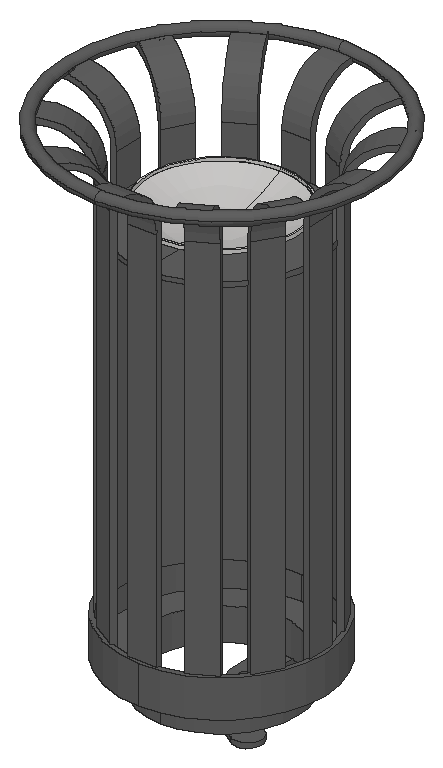
Revit family
Parameters (values of type "CV3-1000")
  URL = "http://www.sitescapesonline.com/index.asp"
  Type Comments = "Vertical Strap, Ash Urn"
  Shell Material = Steel - SiteScapes - Powder Coat - Onyx
  Product Page URL = "http://www.sitescapesonline.com/cityview-ash-urns.asp"
  Product Documentation Link = "http://www.sitescapesonline.com/PDF/CV3-1000%20-%20Customer%20Print.PDF"
  Model = "CV3-1000"
  Manufacturer = "SiteScapes"  # constant formula
  Height = 2' - 3"  # constant formula
  Diameter = 1' - 4 1/8"  # constant formula
  Description = "City View Ash Urn"  # constant formula
  Copyright © = "SiteScapes"  # constant formula
  CTRL Lid Diameter = Diameter - 0' 6 1/8"  # 0' - 10"
Reference planes (in)
  plane 1 "Center Front/Back": y = 0
  plane 2 "Original Bottom": z = 0
  plane 3 "Center Left/Right": x = 0
  plane 4 "Left": x = -8.0625
  plane 5 "Right": x = 8.0625
  plane 6 "Front": y = -8.0625
  plane 7 "Top": z = 27
  plane 8 "Shell Bottom": z = 0
  plane 9 "Body Top": z = 1.76162
  plane 10 "Lid Bottom": z = 22.26162
  plane 11 "Back": y = 8.0625
Dimensions and locks (in)
  equal spacing: plane 4 "Left", plane 3 "Center Left/Right", plane 5 "Right"
  "Diameter": plane 4 "Left" to plane 5 "Right"
  equal spacing: plane 11 "Back", plane 1 "Center Front/Back", plane 6 "Front"
  "Diameter": plane 11 "Back" to plane 6 "Front"
  "Height": plane 7 "Top" to plane 2 "Original Bottom"
  locked: plane 8 "Shell Bottom" to plane 2 "Original Bottom" at 0
  locked: plane 7 "Top" to plane 10 "Lid Bottom" at 4.73838
  aligned and locked: level to plane 2 "Original Bottom"
  aligned and locked: plane 4 "Left" to nested 1
  aligned and locked: plane 6 "Front" to nested 1
  aligned and locked: plane 7 "Top" to nested 1
  aligned and locked: plane 3 "Center Left/Right" to nested 2
  aligned and locked: plane 1 "Center Front/Back" to nested 2
  aligned and locked: plane 3 "Center Left/Right" to nested 3
  aligned and locked: plane 1 "Center Front/Back" to nested 3
  aligned and locked: nested 3 to nested 2
  aligned and locked: plane 10 "Lid Bottom" to nested 3
Nested families (in)
  nested 1: "Shell-Surface-SiteScapes-Circular-Flat_Bar-Ash_Urn" at (0, 0, 0), type "16 1/8"x27""
  nested 2: "Ash_Inlay-Stainless_Steel_Ash_Inlay-SiteScapes-Circular" at (0, 0, 22.01162), type "8""
  nested 3: "Lid-Flat_Top-SiteScapes-Circular" at (0, 0, 22.01162), type "10""
Definition of nested family "Shell-Surface-SiteScapes-Circular-Flat_Bar-Ash_Urn"
  Parameters (values of type "30 5/8"x40 5/8"")
    Type Comments = "Vertical Strap, 40 Gallon Receptacle, Top Opening, Surface Mount, Flat top\r\nVertical Strap, 40 Gallon Receptacle, Top Opening, Surface Mount, Flat top\r\nVertical Strap, 40 Gallon Receptacle, Top Opening, Surface Mount, Flat top"
    Support Bars = 0' - 0 1/2"
    Radius = Diameter / 2  # 0' - 8 1/16"
    Has Surface Mount Plates = yes
    Diameter = 1' - 4 1/8"
    Product Page URL = ""
    Product Documentation Link = ""
    Material = Steel - SiteScapes - Powder Coat - Onyx
    Height = 3' - 4 7/8"
    Description = "Top Opening Surface Mount"
    Copyright © = ""
    CTRL Bars Height = Height - CTRL Bars Bottom Inset  # 3' - 1 3/8"
    CTRL Bars Bottom Inset = 0' - 3 1/2"  # constant formula
    Bar Count = 12  # constant formula
    Assembly Code = ""
  Types (2): name | Product Page URL | Height | Copyright © | CTRL Bars Height
    30 5/8"x40 5/8" | "" | 3' - 4 7/8" | "" | 3' - 1 3/8"
    16 1/8"x27" | "http://www.sitescapesonline.com/index.asp" | 2' - 3" | "2010 SiteScapes Inc." | 1' - 11 1/2"
  Reference planes (in)
    plane 1 "Center (Front/Back)": y = 0
    plane 2 "Original Bottom": z = 0
    plane 3 "Center (Left/Right)": x = 0
    plane 4 "Left": x = -8.0625
    plane 5 "Right": x = 8.0625
    plane 6 "Front": y = -8.0625
    plane 7 "Top": z = 40.875
    plane 8 "Support Ring Top": z = 35.375
    plane 9 "Back": y = 8.0625
    plane 10 "Bars Bottom": z = 3.5
    plane 11 "Support Ring Bottom": z = 33.375
    plane 12 "Support Ring Left": x = -5.5
    plane 13 "Support Ring Right": x = 5.5
    plane 14 "Support Ring Right Inset": x = 5.25
    plane 15 "Support Ring Left Inset": x = -5.25
    plane 16 "Base Top": z = 3.75
    plane 17 "Base Middle": z = 1.75
    plane 18 "Support Base Right": x = 3
    plane 19 "Support Base Right Inset": x = 2.75
    plane 20 "Support Base Left": x = -3
    plane 21 "Support Base Left Inset": x = -2.75
    plane 22 "Support Ring Back": y = 5.49386
    plane 23 "Support Ring Front": y = -5.50614
    plane 24 "Support Ring Front Inset": y = -5.25614
    plane 25 "Support Ring Back Inset": y = 5.24386
    plane 26 "Support Base Front": y = -3.00614
    plane 27 "Support Base Front Inset": y = -2.75614
    plane 28 "Support Base Back": y = 2.99386
    plane 29 "Support Base Back Inset": y = 2.74386
    plane 30 "Bottom Inset": z = 0
    plane 31 "Support Bar Front": y = -0.25
    plane 32 "Support Bar Back": y = 0.25
    plane 33 "Support Bar Right": x = 0.25
    plane 34 "Support Bar Left": x = -0.25
  Forms (in)
    Sweep 1, solid, material "Steel - SiteScapes - Powder Coat - Onyx" <- "Material", detail levels medium+fine
      path origin (0, 0, 40.875) x (0, -1, 0) y (1, 0, 0)
        loop
          circle (0, 0) r 8.0625
      profile origin (8.0625, 0, 40.875) x (-1, 0, 0) y (0, 0, 1)
        loop
          circle (0, 0) r 0.3125
        loop
          line (4.0625, -39.125) -> (4.0625, -40.625) -> (4.3125, -40.625) -> (4.3125, -38.875) -> (2.8125, -38.875) -> (2.8125, -37.125) -> (2.5625, -37.125) -> (2.5625, -39.125) -> (4.0625, -39.125)
    Extrusion 2, solid, material "Steel - SiteScapes - Powder Coat - Onyx" <- "Material", visible <- "Has Surface Mount Plates", detail levels medium+fine
      sketch origin (-0.38386, -0.29368, 0) x (-0.893285, 0.449491, 0) y (-0.449491, -0.893285, 0)
        loop
          arc (0.20147, 1.27746) -> (0.53499, 0.32963) -> (1.51481, 0.55224) r 0.75512
          line (1.51481, 0.55224) -> (2.6978, 2.60124)
          arc (2.6978, 2.60124) -> (2.42328, 3.62576) -> (1.39876, 3.35124) r 0.75
          line (1.39876, 3.35124) -> (0.20147, 1.27746)
        loop
          circle (0.90448, 0.98808) r 0.2656
      from 0 to 0.25
    Extrusion 3, solid, material "Steel - SiteScapes - Powder Coat - Onyx" <- "Material", detail levels medium+fine
      sketch origin (0, 0, 0) x (1, 0, 0) y (0, 1, 0)
        loop
          line (-0.66093, 4.14776) -> (-0.61852, 1.39856)
          arc (-0.61852, 1.39856) -> (0.14296, 0.66022) -> (0.8813, 1.42169) r 0.75
          line (0.8813, 1.42169) -> (0.83889, 4.17089)
          arc (0.83889, 4.17089) -> (0.07741, 4.90924) -> (-0.66093, 4.14776) r 0.75
        loop
          circle (0.13139, 1.41013) r 0.2656
      from 0 to 0.25
    Sweep 4, solid, material "Steel - SiteScapes - Powder Coat - Onyx" <- "Material", detail levels medium+fine
      path origin (8.0625, 0, 0) x (0, -1, 0) y (0, 0, 1)
        loop
          line (-4.52854, 0) -> (-4.52854, 0.25)
      profile origin (8.0625, 4.52854, 0.125) x (0, -1, 0) y (1, 0, 0)
        loop
          line (6.3662, -4.28576) -> (4.82406, -6.5621)
          arc (4.82406, -6.5621) -> (5.02433, -7.60368) -> (6.06591, -7.40341) r 0.75
          line (6.06591, -7.40341) -> (7.60805, -5.12707)
          arc (7.60805, -5.12707) -> (7.40778, -4.08549) -> (6.3662, -4.28576) r 0.75
        loop
          circle (5.44499, -6.98275) r 0.2656
  Lines and regions (in)
    Masking region 1
      outline origin (0, 0, 3.75) x (0, -1, 0) y (1, 0, 0)
        loop
          circle (0.00614, 0) r 5.5
        loop
          circle (-0.00007, 0) r 2.75
    Masking region 2, detail levels medium+fine
      outline origin (0, 0, -31.0625) x (1, 0, 0) y (0, 0, 1)
        loop
          line (-5.5, 34.8125) -> (-5.5, 32.8125) -> (-4, 32.8125) -> (-4, 31.0625) -> (4, 31.0625) -> (4, 32.8125) -> (5.5, 32.8125) -> (5.5, 34.8125) -> (-5.5, 34.8125)
    Masking region 3, detail levels medium+fine
      outline origin (0, 0, 0) x (0, 1, 0) y (0, 0, 1)
        loop
          line (2.99386, 0) -> (2.99386, 1.75) -> (5.49386, 1.75) -> (5.49386, 3.75) -> (-5.50614, 3.75) -> (-5.50614, 1.75) -> (-3.00614, 1.75) -> (-3.00614, 0) -> (2.99386, 0)
    Masking region 4, detail levels medium+fine
      outline origin (0, 0, 0) x (1, 0, 0) y (0, 0, 1)
        loop
          line (-5.25, 3.75) -> (5.25, 3.75) -> (5.25, 38.25)
          arc (5.25, 38.25) -> (6.12735, 40.01251) -> (8.0625, 40.375) r 2.20903
          line (8.0625, 40.375) -> (8.0625, 40.875) -> (-8.0625, 40.875) -> (-8.0625, 40.375)
          arc (-8.0625, 40.375) -> (-6.12735, 40.01251) -> (-5.25, 38.25) r 2.20903
          line (-5.25, 38.25) -> (-5.25, 3.75)
    Masking region 5, detail levels medium+fine
      outline origin (0, 0, 0) x (0, 1, 0) y (0, 0, 1)
        loop
          line (-5.25614, 3.75) -> (5.24386, 3.75) -> (5.24386, 38.30636)
          arc (5.24386, 38.30636) -> (6.13682, 40.03377) -> (8.0625, 40.30413) r 2.11731
          line (8.0625, 40.30413) -> (8.0625, 40.875) -> (-8.0625, 40.875) -> (-8.0625, 40.375)
          arc (-8.0625, 40.375) -> (-6.11936, 39.92348) -> (-5.25614, 38.125) r 2.30515
          line (-5.25614, 38.125) -> (-5.25614, 3.75)
    reference lines
      curve 1: circle (0, 0, 0) r 8.0625 normal (0, 0, 1)
    model lines, detail levels fine
      curve 2: circle (0, 0, 40.875) r 8.0625 normal (0, 0, 1)
    symbolic lines, detail levels medium+fine
      curve 3: arc (-8.0625, 0, 40.875) -> (0, -8.0625, 40.875) -> (8.0625, 0, 40.875) r 8.0625
    symbolic lines, detail levels coarse
      curve 4: arc (8.0625, 0, 40.875) -> (0, 8.0625, 40.875) -> (-8.0625, 0, 40.875) r 8.0625
    symbolic lines, detail levels fine
      curve 5: line (-3, 0, 1.75) -> (3, 0, 1.75)
      curve 6: line (0, 2.99386, 1.75) -> (0, -3.00614, 1.75)
    symbolic lines
      curve 7: line (0, -8.0625, 40.875) -> (0, 8.0625, 40.875)
      curve 8: line (-8.0625, 0, 40.875) -> (8.0625, 0, 40.875)
    model lines, detail levels coarse
      curve 9: arc (-5.25, 0, 3.75) -> (0, -5.25, 3.75) -> (5.25, 0, 3.75) r 5.25
      curve 10: arc (5.25, 0, 3.75) -> (0, 5.25, 3.75) -> (-5.25, 0, 3.75) r 5.25
      curve 11: arc (-5.25, 0, 1.75) -> (0, -5.25, 1.75) -> (5.25, 0, 1.75) r 5.25
      curve 12: arc (5.25, 0, 1.75) -> (0, 5.25, 1.75) -> (-5.25, 0, 1.75) r 5.25
      curve 13: arc (-2.75, 0, 0) -> (0, -2.75, 0) -> (2.75, 0, 0) r 2.75
      curve 14: arc (2.75, 0, 0) -> (0, 2.75, 0) -> (-2.75, 0, 0) r 2.75
      curve 21: arc (-2.75, 0, 1.75) -> (0, -2.75, 1.75) -> (2.75, 0, 1.75) r 2.75
      curve 22: arc (2.75, 0, 1.75) -> (0, 2.75, 1.75) -> (-2.75, 0, 1.75) r 2.75
    model lines
      curve 15: line (5.25, 0, 1.75) -> (5.25, 0, 3.75)
      curve 16: line (0, 5.24386, 3.75) -> (0, 5.24386, 1.75)
      curve 17: line (0, -5.25614, 3.75) -> (0, -5.25614, 1.75)
      curve 18: line (-5.25, 0, 1.75) -> (-5.25, 0, 3.75)
      curve 19: line (0, -2.75614, 1.75) -> (0, -2.75614, 0)
      curve 20: line (0, 2.74386, 1.75) -> (0, 2.74386, 0)
      curve 23: circle (0, 0, 40.875) r 8.0625 normal (0, 0, 1)
  Dimensions and locks (in)
    equal spacing: plane 4 "Left", plane 3 "Center (Left/Right)", plane 5 "Right"
    "Diameter": plane 4 "Left" to plane 5 "Right"
    "Height": plane 7 "Top" to plane 2 "Original Bottom"
    equal spacing: plane 9 "Back", plane 1 "Center (Front/Back)", plane 6 "Front"
    "Diameter": plane 6 "Front" to plane 9 "Back"
    locked: plane 7 "Top" to plane 8 "Support Ring Top" at 5.5
    plane 8 "Support Ring Top" to plane 11 "Support Ring Bottom" = 0' - 2"
    "CTRL Bars Height": plane 7 "Top" to plane 10 "Bars Bottom"
    locked: plane 4 "Left" to plane 12 "Support Ring Left" at 2.5625
    locked: plane 5 "Right" to plane 13 "Support Ring Right" at 2.5625
    locked: plane 13 "Support Ring Right" to plane 14 "Support Ring Right Inset" at 0.25
    locked: plane 12 "Support Ring Left" to plane 15 "Support Ring Left Inset" at 0.25
    locked: plane 16 "Base Top" to plane 10 "Bars Bottom" at 0.25
    locked: plane 16 "Base Top" to plane 17 "Base Middle" at 2
    locked: plane 20 "Support Base Left" to plane 21 "Support Base Left Inset" at 0.25
    locked: plane 18 "Support Base Right" to plane 19 "Support Base Right Inset" at 0.25
    locked: plane 12 "Support Ring Left" to plane 20 "Support Base Left" at 2.5
    locked: plane 13 "Support Ring Right" to plane 18 "Support Base Right" at 2.5
    locked: plane 25 "Support Ring Back Inset" to plane 22 "Support Ring Back" at 0.25
    locked: plane 29 "Support Base Back Inset" to plane 28 "Support Base Back" at 0.25
    locked: plane 26 "Support Base Front" to plane 27 "Support Base Front Inset" at 0.25
    locked: plane 23 "Support Ring Front" to plane 24 "Support Ring Front Inset" at 0.25
    locked: plane 6 "Front" to plane 23 "Support Ring Front" at 2.55636
    locked: plane 22 "Support Ring Back" to plane 9 "Back" at 2.56864
    locked: plane 28 "Support Base Back" to plane 22 "Support Ring Back" at 2.5
    locked: plane 23 "Support Ring Front" to plane 26 "Support Base Front" at 2.5
    locked: plane 30 "Bottom Inset" to level
    equal spacing: plane 34 "Support Bar Left", plane 3 "Center (Left/Right)", plane 33 "Support Bar Right"
    equal spacing: plane 31 "Support Bar Front", plane 1 "Center (Front/Back)", plane 32 "Support Bar Back"
    "Support Bars": plane 31 "Support Bar Front" to plane 32 "Support Bar Back"
    "Support Bars": plane 34 "Support Bar Left" to plane 33 "Support Bar Right"
    locked: plane 4 "Left" to Extrusion 2 sketch curve at 4.9228
    locked: Extrusion 3 sketch curve to plane 9 "Back" at 3.91474
    locked: Extrusion 2 sketch curve to Extrusion 2 sketch curve at 2.36598
    locked: Extrusion 3 sketch curve to Extrusion 3 sketch curve at 2.74953
    locked: Sweep 4 sketch curve to plane 14 "Support Ring Right Inset" at 1.47326
    locked: Sweep 4 sketch curve to plane 24 "Support Ring Front Inset" at 2.17664
    "Radius": radius of curve 1
    "Radius": radius of radial array
    "Radius": radius of Sweep 1 sketch curve
    "Radius": radius of curve 2
    aligned and locked: plane 2 "Original Bottom" to level
    aligned and locked: plane 1 "Center (Front/Back)" to curve 1
    aligned and locked: plane 3 "Center (Left/Right)" to curve 1
    aligned and locked: plane 1 "Center (Front/Back)" to radial array
    aligned and locked: plane 3 "Center (Left/Right)" to Sweep 1 sketch curve
    aligned and locked: plane 1 "Center (Front/Back)" to Sweep 1 sketch curve
    aligned and locked: plane 5 "Right" to Sweep 1 sketch curve
    aligned and locked: plane 7 "Top" to Sweep 1 sketch curve
    aligned and locked: plane 13 "Support Ring Right" to Sweep 1 sketch curve
    aligned and locked: plane 16 "Base Top" to Sweep 1 sketch curve
    aligned and locked: Sweep 1 sketch curve to plane 17 "Base Middle"
    aligned and locked: plane 1 "Center (Front/Back)" to curve 2
    aligned and locked: plane 3 "Center (Left/Right)" to curve 2
    aligned and locked: plane 3 "Center (Left/Right)" to Masking region 1 sketch curve  (x2)
    aligned and locked: plane 23 "Support Ring Front" to Masking region 1 sketch curve
    aligned and locked: plane 22 "Support Ring Back" to Masking region 1 sketch curve
    aligned and locked: plane 1 "Center (Front/Back)" to Masking region 1 sketch curve
    aligned and locked: plane 19 "Support Base Right Inset" to Masking region 1 sketch curve
    aligned and locked: plane 21 "Support Base Left Inset" to Masking region 1 sketch curve
    aligned and locked: plane 5 "Right" to curve 3
    aligned and locked: plane 1 "Center (Front/Back)" to curve 3  (x2)
    aligned and locked: plane 4 "Left" to curve 3
    aligned and locked: Masking region 2 sketch curve to plane 16 "Base Top"
    aligned and locked: Masking region 2 sketch curve to plane 12 "Support Ring Left"
    aligned and locked: Masking region 2 sketch curve to plane 13 "Support Ring Right"
    aligned and locked: plane 17 "Base Middle" to Masking region 2 sketch curve
    aligned and locked: plane 20 "Support Base Left" to curve 5
    aligned and locked: plane 18 "Support Base Right" to curve 5
    aligned and locked: curve 5 to plane 17 "Base Middle"
    aligned and locked: Masking region 3 sketch curve to plane 28 "Support Base Back"
    aligned and locked: plane 2 "Original Bottom" to Masking region 3 sketch curve
    aligned and locked: Masking region 3 sketch curve to plane 26 "Support Base Front"
    aligned and locked: plane 17 "Base Middle" to Masking region 3 sketch curve  (x2)
    aligned and locked: Masking region 3 sketch curve to plane 23 "Support Ring Front"
    aligned and locked: Masking region 3 sketch curve to plane 16 "Base Top"
    aligned and locked: Masking region 3 sketch curve to plane 22 "Support Ring Back"
    aligned and locked: plane 26 "Support Base Front" to curve 6
    aligned and locked: plane 28 "Support Base Back" to curve 6
    aligned and locked: plane 17 "Base Middle" to curve 6
    aligned and locked: plane 6 "Front" to curve 7
    aligned and locked: plane 9 "Back" to curve 7
    aligned and locked: curve 7 to plane 7 "Top"
    aligned and locked: plane 5 "Right" to curve 8
    aligned and locked: plane 4 "Left" to curve 8
    aligned and locked: curve 8 to plane 7 "Top"
    aligned and locked: plane 1 "Center (Front/Back)" to curve 9  (x2)
    aligned and locked: plane 14 "Support Ring Right Inset" to curve 9
    aligned and locked: plane 15 "Support Ring Left Inset" to curve 9
    aligned and locked: plane 1 "Center (Front/Back)" to curve 11  (x2)
    aligned and locked: plane 15 "Support Ring Left Inset" to curve 11
    aligned and locked: plane 14 "Support Ring Right Inset" to curve 11
    aligned and locked: plane 1 "Center (Front/Back)" to curve 13  (x2)
    aligned and locked: plane 21 "Support Base Left Inset" to curve 13
    aligned and locked: plane 19 "Support Base Right Inset" to curve 13
    aligned and locked: plane 16 "Base Top" to curve 15
    aligned and locked: plane 17 "Base Middle" to curve 15
    aligned and locked: plane 14 "Support Ring Right Inset" to curve 15
    aligned and locked: plane 16 "Base Top" to curve 18
    aligned and locked: plane 17 "Base Middle" to curve 18
    aligned and locked: curve 18 to plane 15 "Support Ring Left Inset"
    aligned and locked: plane 16 "Base Top" to curve 17
    aligned and locked: curve 17 to plane 3 "Center (Left/Right)"
    aligned and locked: plane 17 "Base Middle" to curve 17
    aligned and locked: plane 16 "Base Top" to curve 16
    aligned and locked: curve 16 to plane 3 "Center (Left/Right)"
    aligned and locked: plane 17 "Base Middle" to curve 16
    aligned and locked: plane 17 "Base Middle" to curve 20
    aligned and locked: curve 20 to plane 3 "Center (Left/Right)"
    aligned and locked: plane 17 "Base Middle" to curve 19
    aligned and locked: curve 19 to plane 3 "Center (Left/Right)"
    aligned and locked: plane 1 "Center (Front/Back)" to curve 22  (x2)
    aligned and locked: plane 21 "Support Base Left Inset" to curve 22
    aligned and locked: plane 19 "Support Base Right Inset" to curve 22
    aligned and locked: plane 30 "Bottom Inset" to Masking region 2 sketch curve
    aligned and locked: Masking region 4 sketch curve to plane 16 "Base Top"
    aligned and locked: plane 15 "Support Ring Left Inset" to Masking region 4 sketch curve
    aligned and locked: plane 14 "Support Ring Right Inset" to Masking region 4 sketch curve
    aligned and locked: plane 7 "Top" to Masking region 4 sketch curve
    aligned and locked: plane 16 "Base Top" to Masking region 5 sketch curve
    aligned and locked: Masking region 5 sketch curve to plane 24 "Support Ring Front Inset"
    aligned and locked: Masking region 5 sketch curve to plane 7 "Top"
    aligned and locked: plane 6 "Front" to Masking region 5 sketch curve
    aligned and locked: plane 24 "Support Ring Front Inset" to Masking region 5 sketch curve
    aligned and locked: plane 9 "Back" to Masking region 5 sketch curve  (x2)
    aligned and locked: Masking region 5 sketch curve to plane 25 "Support Ring Back Inset"
    aligned and locked: Masking region 4 sketch curve to plane 5 "Right"
    aligned and locked: plane 5 "Right" to Masking region 4 sketch curve
    aligned and locked: plane 4 "Left" to Masking region 4 sketch curve  (x2)
    aligned and locked: curve 23 to curve 4
    aligned and locked: Extrusion 3 to Sweep 1
  Automatic sketch dimensions
    Masking region 1 sketch curve to Masking region 1 sketch curve = 0' - 0"
    Masking region 1 sketch curve to plane 1 "Center (Front/Back)" = 0' - 0.00015"
    Masking region 1 sketch curve to plane 1 "Center (Front/Back)" = 0' - 0.00007"
    plane 6 "Front" to Masking region 5 sketch curve = 0' - 0.50121"
    plane 9 "Back" to Masking region 5 sketch curve = 0' - 0.70134"
    Masking region 5 sketch curve to plane 7 "Top" = 0' - 2 3/4"
    Masking region 5 sketch curve to plane 7 "Top" = 0' - 2.56864"
    Masking region 4 sketch curve to plane 4 "Left" = 0' - 0.60347"
    Masking region 4 sketch curve to plane 5 "Right" = 0' - 0.60347"
    Masking region 4 sketch curve to plane 7 "Top" = 0' - 2 5/8"  (x2)
    curve 19 to plane 30 "Bottom Inset" = 0' - 0"
    curve 20 to plane 30 "Bottom Inset" = 0' - 0"
    plane 1 "Center (Front/Back)" to curve 14 = 0' - 0"
    curve 14 to plane 21 "Support Base Left Inset" = 0' - 0"
    curve 14 to plane 3 "Center (Left/Right)" = 0' - 0"
    Masking region 2 sketch curve to plane 17 "Base Middle" = 0' - 0"
    plane 18 "Support Base Right" to Masking region 2 sketch curve = 0' - 1"
    plane 20 "Support Base Left" to Masking region 2 sketch curve = 0' - 1"
    Sweep 1 sketch curve to Sweep 1 sketch curve = 0' - 0 1/4"  (x3)
    Sweep 1 sketch curve to Sweep 1 sketch curve = 0' - 1 1/2"  (x2)
    Extrusion 2 sketch curve to Extrusion 2 sketch curve = 0' - 0.69853"
    Extrusion 2 sketch curve to Extrusion 2 sketch curve = 0' - 0.00447"
    Extrusion 2 sketch curve to Extrusion 2 sketch curve = 0' - 1.19729"
    Extrusion 2 sketch curve to Extrusion 2 sketch curve = 0' - 0.61034"
    Extrusion 2 sketch curve to Extrusion 2 sketch curve = 0' - 0.64952"  (x2)
    Extrusion 2 sketch curve to Extrusion 2 sketch curve = 0' - 0.43584"
    Extrusion 2 sketch curve to Extrusion 2 sketch curve = 0' - 0.00258"
    Extrusion 2 sketch curve to Extrusion 2 sketch curve = 0' - 0 3/8"
    Extrusion 3 sketch curve to plane 34 "Support Bar Left" = 0' - 0.41093"
    Extrusion 3 sketch curve to plane 34 "Support Bar Left" = 0' - 0.36852"
    plane 3 "Center (Left/Right)" to Extrusion 3 sketch curve = 0' - 0.08898"
    plane 33 "Support Bar Right" to Extrusion 3 sketch curve = 0' - 0.58889"
    Extrusion 3 sketch curve to Extrusion 3 sketch curve = 0' - 0.01157"  (x2)
    Extrusion 3 sketch curve to Extrusion 3 sketch curve = 0' - 0"  (x7)
    Extrusion 3 sketch curve to plane 33 "Support Bar Right" = 0' - 0.11861"
    plane 33 "Support Bar Right" to Extrusion 3 sketch curve = 0' - 0.6313"
    Extrusion 3 sketch curve to plane 3 "Center (Left/Right)" = 0' - 0.09655"
    plane 33 "Support Bar Right" to Extrusion 3 sketch curve = 0' - 0.10933"
    Extrusion 3 sketch curve to Extrusion 3 sketch curve = 0' - 0.13633"
    plane 31 "Support Bar Front" to Extrusion 2 sketch curve = 0' - 1.09426"
    Sweep 4 sketch curve to level = 0' - 0"
    Sweep 4 sketch curve to level = 0' - 0 1/4"
    plane 25 "Support Ring Back Inset" to Sweep 4 sketch curve = 0' - 0.71532"
    Sweep 4 sketch curve to Sweep 4 sketch curve = 0' - 0"  (x7)
    Sweep 4 sketch curve to Sweep 4 sketch curve = 0' - 0.62093"  (x4)
    Sweep 4 sketch curve to Sweep 4 sketch curve = 0' - 1.54214"
    Sweep 4 sketch curve to Sweep 4 sketch curve = 0' - 0.42066"  (x2)
    Sweep 4 sketch curve to Sweep 4 sketch curve = 0' - 2.27634"
    Sweep 4 sketch curve to Sweep 4 sketch curve = 0' - 0.26491"  (x2)
    Sweep 4 sketch curve to Sweep 4 sketch curve = 0' - 0.01906"
    radius of Sweep 1 sketch curve = 0' - 0 5/16"
    radius of Extrusion 2 sketch curve = 0' - 0.2656"
  Nested families (in)
    nested 1: "Strap-Vertical-SiteScapes-Flat_Bar" at (-8.0625, 0, 3.5) x (0, -1, 0) z (0, 0, 1), built-in parameter 1001364 <- "CTRL Bars Bottom Inset", type "5/16"x11/2""
    nested 2: "Strap-Vertical-SiteScapes-Flat_Bar" at (-6.98233, 4.03125, 3.5) x (-0.5, -0.866, 0) z (0, 0, 1), built-in parameter 1001364 <- "CTRL Bars Bottom Inset", type "5/16"x11/2""
    nested 3: "Strap-Vertical-SiteScapes-Flat_Bar" at (-6.98233, -4.03125, 3.5) x (0.5, -0.866, 0) z (0, 0, 1), built-in parameter 1001364 <- "CTRL Bars Bottom Inset", type "5/16"x11/2""
    nested 4: "Strap-Vertical-SiteScapes-Flat_Bar" at (-4.03125, -6.98233, 3.5) x (0.866, -0.5, 0) z (0, 0, 1), built-in parameter 1001364 <- "CTRL Bars Bottom Inset", type "5/16"x11/2""
    nested 5: "Strap-Vertical-SiteScapes-Flat_Bar" at (0, -8.0625, 3.5), built-in parameter 1001364 <- "CTRL Bars Bottom Inset", type "5/16"x11/2""
    nested 6: "Strap-Vertical-SiteScapes-Flat_Bar" at (4.03125, -6.98233, 3.5) x (0.866, 0.5, 0) z (0, 0, 1), built-in parameter 1001364 <- "CTRL Bars Bottom Inset", type "5/16"x11/2""
    nested 7: "Strap-Vertical-SiteScapes-Flat_Bar" at (6.98233, -4.03125, 3.5) x (0.5, 0.866, 0) z (0, 0, 1), built-in parameter 1001364 <- "CTRL Bars Bottom Inset", type "5/16"x11/2""
    nested 8: "Strap-Vertical-SiteScapes-Flat_Bar" at (8.0625, 0, 3.5) x (0, 1, 0) z (0, 0, 1), built-in parameter 1001364 <- "CTRL Bars Bottom Inset", type "5/16"x11/2""
    nested 9: "Strap-Vertical-SiteScapes-Flat_Bar" at (6.98233, 4.03125, 3.5) x (-0.5, 0.866, 0) z (0, 0, 1), built-in parameter 1001364 <- "CTRL Bars Bottom Inset", type "5/16"x11/2""
    nested 10: "Strap-Vertical-SiteScapes-Flat_Bar" at (4.03125, 6.98233, 3.5) x (-0.866, 0.5, 0) z (0, 0, 1), built-in parameter 1001364 <- "CTRL Bars Bottom Inset", type "5/16"x11/2""
    nested 11: "Strap-Vertical-SiteScapes-Flat_Bar" at (0, 8.0625, 3.5) x (-1, 0, 0) z (0, 0, 1), built-in parameter 1001364 <- "CTRL Bars Bottom Inset", type "5/16"x11/2""
    nested 12: "Strap-Vertical-SiteScapes-Flat_Bar" at (-4.03125, 6.98233, 3.5) x (-0.866, -0.5, 0) z (0, 0, 1), built-in parameter 1001364 <- "CTRL Bars Bottom Inset", type "5/16"x11/2""
  Definition of nested family "Strap-Vertical-SiteScapes-Flat_Bar"
    Parameters (values of type "5/16"x11/2"")
      Width = 0' - 1 1/2"
      Product Page URL = ""
      Product Documentation Link = ""
      Material = Steel - SiteScapes - Powder Coat - Onyx
      Height = 3' - 1 3/8"
      Depth = 0' - 3 1/8"
      Copyright © = ""
      Assembly Code = ""
    Reference planes (in)
      plane 1 "Center (Front/Back)": y = 0
      plane 2 "Original Bottom": z = 0
      plane 3 "Center (Left/Right)": x = 0
      plane 4 "Left": x = -0.75
      plane 5 "Right": x = 0.75
      plane 6 "Front": y = -3.125
      plane 7 "Top": z = 37.375
      plane 8 "Arc Bottom": z = 34.625
      plane 9 "Bar Thickness": y = -2.8125
      plane 10 "Bar Top": z = 37.0625
    Forms (in)
      Sweep 1, solid, material "Steel - SiteScapes - Powder Coat - Onyx" <- "Material", detail levels medium+fine
        path origin (0, 0, 0) x (0, 1, 0) y (0, 0, 1)
          loop
            line (-3.125, 0) -> (-3.125, 34.625)
            arc (-3.125, 34.625) -> (-2.18409, 36.70635) -> (0, 37.375) r 2.7725
        profile origin (0, -3.125, 17.3125) x (0, -1, 0) y (1, 0, 0)
          loop
            line (0, 0.75) -> (-0.3125, 0.75) -> (-0.3125, -0.75) -> (0, -0.75) -> (0, 0.75)
    Lines and regions (in)
      Masking region 1, detail levels medium+fine
        outline origin (0, 0, 34.625) x (0, -1, 0) y (1, 0, 0)
          loop
            line (3.125, 0.75) -> (0, 0.75) -> (0, -0.75) -> (3.125, -0.75) -> (3.125, 0.75)
      Masking region 2, detail levels medium+fine
        outline origin (0, -3.125, 0) x (-1, 0, 0) y (0, 0, 1)
          loop
            line (-0.75, 0) -> (0.75, 0) -> (0.75, 37.375) -> (-0.75, 37.375) -> (-0.75, 0)
      Masking region 3, detail levels medium+fine
        outline origin (0, 0, 0) x (0, 1, 0) y (0, 0, 1)
          loop
            line (-3.125, 0) -> (-2.8125, 0) -> (-2.8125, 34.625)
            arc (-2.8125, 34.625) -> (-1.97764, 36.47176) -> (-0.03973, 37.06504) r 2.46
            line (-0.03973, 37.06504) -> (0, 37.375)
            arc (0, 37.375) -> (-2.18409, 36.70635) -> (-3.125, 34.625) r 2.7725
            line (-3.125, 34.625) -> (-3.125, 0)
      model lines, detail levels coarse
        curve 1: arc (0, -3.125, 34.625) -> (0, -2.18409, 36.70635) -> (0, 0, 37.375) r 2.7725
        curve 2: line (0, -3.125, 34.625) -> (0, -3.125, 0)
    Dimensions and locks (in)
      equal spacing: plane 4 "Left", plane 3 "Center (Left/Right)", plane 5 "Right"
      "Width": plane 4 "Left" to plane 5 "Right"
      "Height": plane 7 "Top" to plane 2 "Original Bottom"
      "Depth": plane 6 "Front" to plane 1 "Center (Front/Back)"
      locked: plane 7 "Top" to plane 8 "Arc Bottom" at 2.75
      locked: plane 6 "Front" to plane 9 "Bar Thickness" at 0.3125
      locked: plane 7 "Top" to plane 10 "Bar Top" at 0.3125
      aligned and locked: plane 2 "Original Bottom" to level
      aligned and locked: plane 7 "Top" to Sweep 1 sketch curve
      aligned and locked: plane 1 "Center (Front/Back)" to Sweep 1 sketch curve
      aligned and locked: plane 8 "Arc Bottom" to Sweep 1 sketch curve
      aligned and locked: plane 6 "Front" to Sweep 1 sketch curve  (x3)
      aligned and locked: plane 2 "Original Bottom" to Sweep 1 sketch curve
      aligned and locked: Sweep 1 sketch curve to plane 9 "Bar Thickness"
      aligned and locked: Sweep 1 sketch curve to plane 4 "Left"
      aligned and locked: Sweep 1 sketch curve to plane 5 "Right"
      aligned and locked: Masking region 1 sketch curve to plane 4 "Left"
      aligned and locked: plane 1 "Center (Front/Back)" to Masking region 1 sketch curve
      aligned and locked: Masking region 1 sketch curve to plane 5 "Right"
      aligned and locked: plane 6 "Front" to Masking region 1 sketch curve
      aligned and locked: Masking region 2 sketch curve to plane 7 "Top"
      aligned and locked: Masking region 2 sketch curve to plane 5 "Right"
      aligned and locked: Masking region 2 sketch curve to plane 4 "Left"
      aligned and locked: plane 2 "Original Bottom" to Masking region 2 sketch curve
      aligned and locked: Masking region 3 sketch curve to Sweep 1  (x2)
      aligned and locked: Masking region 3 sketch curve to plane 2 "Original Bottom"
      aligned and locked: plane 9 "Bar Thickness" to Masking region 3 sketch curve
      aligned and locked: plane 7 "Top" to Masking region 3 sketch curve
      aligned and locked: curve 1 to Sweep 1
      aligned and locked: plane 2 "Original Bottom" to curve 2
      aligned and locked: plane 7 "Top" to curve 1
    Automatic sketch dimensions
      plane 10 "Bar Top" to Masking region 3 sketch curve = 0' - 0.00254"
Definition of nested family "Ash_Inlay-Stainless_Steel_Ash_Inlay-SiteScapes-Circular"
  Parameters (values of type "8"")
    URL = "http://www.sitescapesonline.com/index.asp"
    Radius = Diameter / 2  # 0' - 4"
    Opening Dieameter = 1' - 4"
    Manufacturer = "SiteScapes Inc."  # constant formula
    Diameter = 0' - 8"
    Product Page URL = ""
    Product Documentation Link = ""
    Material = none
    Height = 0' - 1.18186"
    Copyright © = "2010 SiteScapes Inc."  # constant formula
    Assembly Code = ""
  Types (2): name
    8"
    24"
  Reference planes (in)
    plane 1 "Center (Front/Back)": y = 0
    plane 2 "Original Bottom": z = 0
    plane 3 "Center (Left/Right)": x = 0
    plane 4 "Left": x = -4
    plane 5 "Right": x = 4
    plane 6 "Front": y = -4
    plane 7 "Back": y = 4
    plane 8: z = 1.18186
    plane 9 "Mid Height": z = 0.55979
  Forms (in)
    Sweep 1, solid, material <- "Material", detail levels medium+fine
      path origin (0, -0.05262, 1.5) x (0, -1, 0) y (1, 0, 0)
        loop
          circle (-0.05262, 0) r 4
      profile origin (4, 0, 1.5) x (-1, 0, 0) y (0, 0, 1)
        loop
          line (3.9332, -1.5) -> (3.9332, -1.4375)
          arc (3.9332, -1.4375) -> (1.96489, -1.19415) -> (0.11512, -0.47874) r 8.08177
          line (0.11512, -0.47874) -> (0.11512, -0.31814) -> (0.05262, -0.31814) -> (0.05262, -0.50738)
          arc (0.05262, -0.50738) -> (1.93044, -1.24791) -> (3.9332, -1.5) r 8.08177
  Lines and regions (in)
    Masking region 1, detail levels medium+fine
      outline origin (0, 0, 1.5) x (0, -1, 0) y (1, 0, 0)
        loop
          circle (0, 0) r 0.0668
        loop
          circle (0, 0) r 3.94738
    Masking region 2, detail levels medium+fine
      outline origin (0, 0, 0) x (1, 0, 0) y (0, 0, 1)
        loop
          line (4, 1.18186) -> (-4, 1.18186) -> (-4, 1.02031)
          arc (-4, 1.02031) -> (0, 0) -> (4, 1.02031) r 8.35091
          line (4, 1.02031) -> (4, 1.18186)
    Masking region 3, detail levels medium+fine
      outline origin (0, 0, 0) x (0, 1, 0) y (0, 0, 1)
        loop
          line (4, 1.18186) -> (-4, 1.18186) -> (-4, 1.0241)
          arc (-4, 1.0241) -> (-2.06644, 0.25256) -> (0, 0) r 8.08986
          arc (0, 0) -> (2.06644, 0.25256) -> (4, 1.0241) r 8.08986
          line (4, 1.0241) -> (4, 1.18186)
    model lines, detail levels coarse
      curve 1: circle (0, 0, 0.55979) r 2.5 normal (0, 0, 1)
  Dimensions and locks (in)
    equal spacing: plane 4 "Left", plane 3 "Center (Left/Right)", plane 5 "Right"
    "Diameter": plane 4 "Left" to plane 5 "Right"
    equal spacing: plane 7 "Back", plane 1 "Center (Front/Back)", plane 6 "Front"
    "Diameter": plane 6 "Front" to plane 7 "Back"
    "Height": plane 8 to level
    aligned and locked: plane 2 "Original Bottom" to level
    aligned: plane 7 "Back" to Sweep 1
    aligned and locked: Masking region 1 sketch curve to Sweep 1  (x4)
    aligned and locked: level to Sweep 1
    aligned and locked: Masking region 2 sketch curve to Sweep 1
    aligned and locked: plane 8 to Masking region 3 sketch curve
    aligned and locked: plane 7 "Back" to Masking region 3 sketch curve
    aligned and locked: Masking region 3 sketch curve to plane 7 "Back"
    aligned and locked: Masking region 3 sketch curve to plane 6 "Front"
  Automatic sketch dimensions
    Sweep 1 sketch curve to profile plane = 0' - 0.05262"
    Sweep 1 sketch curve to Sweep 1 sketch curve = 0' - 0 1/16"  (x2)
    Sweep 1 sketch curve to profile plane = 0' - 3.9332"
    Sweep 1 sketch curve to Sweep 1 sketch curve = 0' - 0.02864"
    Sweep 1 sketch curve to Sweep 1 sketch curve = 0' - 0.1606"
    plane 1 "Center (Front/Back)" to Sweep 1 sketch curve = 0' - 0"
    Sweep 1 sketch curve to plane 3 "Center (Left/Right)" = 0' - 0"
    Sweep 1 sketch curve to profile plane = 0' - 1 1/2"
    Sweep 1 sketch curve to profile plane = 0' - 0.50738"
    plane 4 "Left" to Masking region 2 sketch curve = 0' - 0"
    Masking region 2 sketch curve to plane 3 "Center (Left/Right)" = 0' - 0"
    Masking region 2 sketch curve to plane 5 "Right" = 0' - 0"
    Masking region 2 sketch curve to Masking region 2 sketch curve = 0' - 0.16155"
    plane 8 to Masking region 2 sketch curve = 0' - 7.16905"
    Masking region 3 sketch curve to level = 0' - 0"
    Masking region 3 sketch curve to plane 1 "Center (Front/Back)" = 0' - 0"
    plane 1 "Center (Front/Back)" to Masking region 3 sketch curve = 0' - 0.05994"
    Masking region 3 sketch curve to plane 1 "Center (Front/Back)" = 0' - 0.05994"
    Masking region 3 sketch curve to Masking region 3 sketch curve = 0' - 0.15776"
    Masking region 3 sketch curve to plane 8 = 0' - 0.15776"
    plane 1 "Center (Front/Back)" to curve 1 = 0' - 0"
    curve 1 to plane 3 "Center (Left/Right)" = 0' - 0"
    radius of Sweep 1 sketch curve = 0' - 4"
    radius of curve 1 = 0' - 2 1/2"
Definition of nested family "Lid-Flat_Top-SiteScapes-Circular"
  Parameters (values of type "10"")
    URL = "http://www.sitescapesonline.com/index.asp"
    Radius = Diameter / 2  # 0' - 5"
    Opening Dieameter = 0' - 4"
    Manufacturer = "SiteScapes Inc."  # constant formula
    Diameter = 0' - 10"
    Product Page URL = "http://www.sitescapesonline.com/index.asp"
    Product Documentation Link = ""
    Material = none
    Height = 0' - 0 1/4"
    Copyright © = "2010 SiteScapes Inc."  # constant formula
    Assembly Code = ""
  Reference planes (in)
    plane 1 "Center (Front/Back)": y = 0
    plane 2 "Original Bottom": z = 0
    plane 3 "Center (Left/Right)": x = 0
    plane 4 "Left": x = -5
    plane 5 "Right": x = 5
    plane 6 "Front": y = -5
    plane 7 "Top": z = 0.25
    plane 8 "Back": y = 5
    plane 9 "Opening Back": y = 2
    plane 10 "Opening Front": y = -2
    plane 11 "Opening Left": x = -2
    plane 12 "Opening Right": x = 2
  Forms (in)
    Revolve 1, solid, material <- "Material", detail levels medium+fine
      sketch origin (0, 0, 0) x (0, 1, 0) y (0, 0, 1)
        loop
          line (2, 0.25) -> (2, 0) -> (5, 0) -> (5, 0.25) -> (2, 0.25)
        axis (0, 0) -> (0, 0.25)
      angle from 0 to 360
  Lines and regions (in)
    Masking region 1, detail levels medium+fine
      outline origin (0, 0, 0) x (1, 0, 0) y (0, 0, 1)
        loop
          line (-5, 0.25) -> (-5, 0) -> (5, 0) -> (5, 0.25) -> (-5, 0.25)
    Masking region 2, detail levels medium+fine
      outline origin (0, 0, 0) x (0, 1, 0) y (0, 0, 1)
        loop
          line (-5, 0.25) -> (-5, 0) -> (5, 0) -> (5, 0.25) -> (-5, 0.25)
    Masking region 3
      outline origin (0, 0, 0.25) x (0, -1, 0) y (1, 0, 0)
        loop
          circle (0, 0) r 5
        loop
          circle (0, 0) r 2
    model lines, detail levels coarse
      curve 1: arc (5, 0, 0.25) -> (0, 5, 0.25) -> (-5, 0, 0.25) r 5
      curve 2: arc (-5, 0, 0.25) -> (0, -5, 0.25) -> (5, 0, 0.25) r 5
      curve 3: arc (5, 0, 0) -> (0, 5, 0) -> (-5, 0, 0) r 5
      curve 4: arc (-5, 0, 0) -> (0, -5, 0) -> (5, 0, 0) r 5
      curve 5: arc (2, 0, 0.25) -> (0, 2, 0.25) -> (-2, 0, 0.25) r 2
      curve 6: arc (-2, 0, 0.25) -> (0, -2, 0.25) -> (2, 0, 0.25) r 2
      curve 7: line (0, 5, 0.25) -> (0, 5, 0)
      curve 8: line (0, -5, 0.25) -> (0, -5, 0)
      curve 9: line (-5, 0, 0) -> (-5, 0, 0.25)
      curve 10: line (5, 0, 0) -> (5, 0, 0.25)
    symbolic lines
      curve 11: line (-5, 0, 0.25) -> (5, 0, 0.25)
    symbolic lines, detail levels coarse
      curve 12: line (0, -5, 0.25) -> (0, 5, 0.25)
  Dimensions and locks (in)
    equal spacing: plane 4 "Left", plane 3 "Center (Left/Right)", plane 5 "Right"
    "Diameter": plane 4 "Left" to plane 5 "Right"
    "Height": plane 7 "Top" to plane 2 "Original Bottom"
    equal spacing: plane 8 "Back", plane 1 "Center (Front/Back)", plane 6 "Front"
    "Diameter": plane 6 "Front" to plane 8 "Back"
    equal spacing: plane 10 "Opening Front", plane 1 "Center (Front/Back)", plane 9 "Opening Back"
    "Opening Dieameter": plane 9 "Opening Back" to plane 10 "Opening Front"
    equal spacing: plane 11 "Opening Left", plane 3 "Center (Left/Right)", plane 12 "Opening Right"
    "Opening Dieameter": plane 11 "Opening Left" to plane 12 "Opening Right"
    aligned and locked: plane 2 "Original Bottom" to level
    aligned and locked: plane 7 "Top" to Revolve 1 sketch curve
    aligned and locked: plane 2 "Original Bottom" to Revolve 1 sketch curve  (x2)
    aligned and locked: Revolve 1 sketch curve to plane 1 "Center (Front/Back)"
    aligned and locked: Revolve 1 sketch curve to plane 7 "Top"
    aligned and locked: plane 8 "Back" to Revolve 1 sketch curve
    aligned and locked: Revolve 1 sketch curve to plane 9 "Opening Back"
    aligned and locked: Masking region 1 sketch curve to plane 5 "Right"
    aligned and locked: Masking region 1 sketch curve to plane 4 "Left"
    aligned and locked: Masking region 1 sketch curve to plane 7 "Top"
    aligned and locked: plane 2 "Original Bottom" to Masking region 1 sketch curve
    aligned and locked: plane 6 "Front" to Masking region 2 sketch curve
    aligned and locked: Masking region 2 sketch curve to plane 7 "Top"
    aligned and locked: plane 8 "Back" to Masking region 2 sketch curve
    aligned and locked: plane 2 "Original Bottom" to Masking region 2 sketch curve
    aligned and locked: plane 1 "Center (Front/Back)" to Masking region 3 sketch curve  (x4)
    aligned and locked: plane 5 "Right" to Masking region 3 sketch curve
    aligned and locked: plane 4 "Left" to Masking region 3 sketch curve
    aligned and locked: plane 12 "Opening Right" to Masking region 3 sketch curve
    aligned and locked: plane 11 "Opening Left" to Masking region 3 sketch curve
    aligned and locked: plane 1 "Center (Front/Back)" to curve 2  (x2)
    aligned and locked: plane 4 "Left" to curve 2
    aligned and locked: plane 5 "Right" to curve 2
    aligned and locked: plane 1 "Center (Front/Back)" to curve 4  (x2)
    aligned and locked: plane 4 "Left" to curve 4
    aligned and locked: plane 5 "Right" to curve 4
    aligned and locked: plane 1 "Center (Front/Back)" to curve 6  (x2)
    aligned and locked: plane 11 "Opening Left" to curve 6
    aligned and locked: plane 12 "Opening Right" to curve 6
    aligned and locked: plane 7 "Top" to curve 10
    aligned and locked: plane 7 "Top" to curve 8
    aligned and locked: curve 9 to plane 4 "Left"
    aligned and locked: plane 2 "Original Bottom" to curve 9
    aligned and locked: curve 7 to plane 3 "Center (Left/Right)"
    aligned and locked: curve 8 to plane 3 "Center (Left/Right)"
    aligned and locked: plane 2 "Original Bottom" to curve 8
    aligned and locked: plane 2 "Original Bottom" to curve 7
    aligned and locked: plane 5 "Right" to curve 10
    aligned and locked: plane 2 "Original Bottom" to curve 10
    aligned and locked: plane 4 "Left" to curve 11
    aligned and locked: plane 5 "Right" to curve 11
    aligned and locked: curve 11 to plane 7 "Top"
    aligned and locked: plane 6 "Front" to curve 12
    aligned and locked: plane 8 "Back" to curve 12
    aligned and locked: curve 12 to plane 7 "Top"
  Automatic sketch dimensions
    curve 7 to plane 7 "Top" = 0' - 0"
